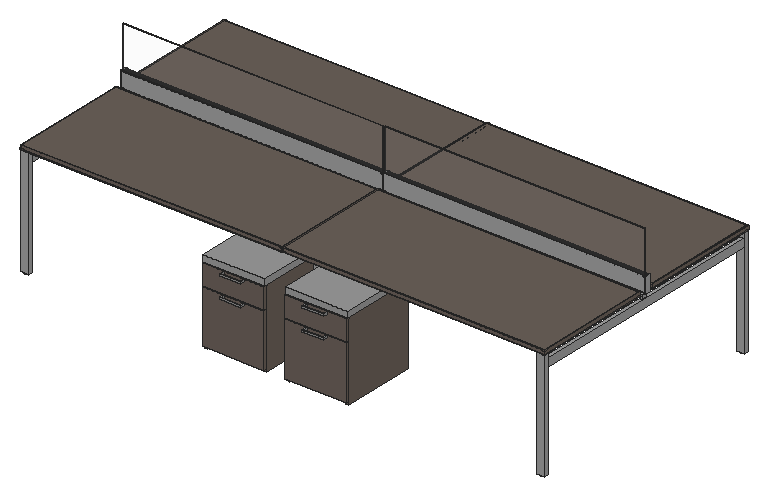
Revit family "T200188", category Furniture, Revit 2015 (continued)
Definition of nested family "STAKS BENCHING TOOLRAIL KITS"
  Types (84): name | TOOLRAIL KIT WIDTH | Model | Description | 2 PIECE | 3 PIECE | 4 PIECE
    STAKS BENCHING TOOLRAIL KIT 2_PIECE_6-A120TRKD2 | 120.00" | "6-A120TRKD2" | "OFS STAKS BENCHING TOOLRAIL KIT 2 PIECE 120" | yes | no | no
    STAKS BENCHING TOOLRAIL KIT 2_PIECE_6-A144TRKD2 | 144.00" | "6-A144TRKD2" | "OFS STAKS BENCHING TOOLRAIL KIT 2 PIECE 144" | yes | no | no
    STAKS BENCHING TOOLRAIL KIT 3_PIECE_6-A144TRKD3 | 144.00" | "6-A144TRKD3" | "OFS STAKS BENCHING TOOLRAIL KIT 3 PIECE 144" | no | yes | no
    STAKS BENCHING TOOLRAIL KIT 3_PIECE_6-A180TRKD3 | 180.00" | "6-A180TRKD3" | "OFS STAKS BENCHING TOOLRAIL KIT 3 PIECE 180" | no | yes | no
    STAKS BENCHING TOOLRAIL KIT 3_PIECE_6-A216TRKD3 | 216.00" | "6-A216TRKD3" | "OFS STAKS BENCHING TOOLRAIL KIT 3 PIECE 216" | no | yes | no
    STAKS BENCHING TOOLRAIL KIT 4_PIECE_6-A192TRKD4 | 192.00" | "6-A192TRKD4" | "OFS STAKS BENCHING TOOLRAIL KIT 4 PIECE 192" | no | no | yes
    STAKS BENCHING TOOLRAIL KIT 4_PIECE_6-A240TRKD4 | 240.00" | "6-A240TRKD4" | "OFS STAKS BENCHING TOOLRAIL KIT 4 PIECE 240" | no | no | yes
    STAKS BENCHING TOOLRAIL KIT 4_PIECE_6-A288TRKD4 | 288.00" | "6-A288TRKD4" | "OFS STAKS BENCHING TOOLRAIL KIT 4 PIECE 288" | no | no | yes
    STAKS BENCHING TOOLRAIL KIT 2_PIECE_6-A108TRKA2 | 108.00" | "6-A108TRKA2" | "OFS STAKS BENCHING TOOLRAIL KIT 2 PIECE 108 FOR 1/4\"" | yes | no | no
    STAKS BENCHING TOOLRAIL KIT 2_PIECE_6-A132TRKA2 | 132.00" | "6-A132TRKA2" | "OFS STAKS BENCHING TOOLRAIL KIT 2 PIECE 132 FOR 1/4\"" | yes | no | no
    STAKS BENCHING TOOLRAIL KIT 2_PIECE_6-A156TRKA2 | 156.00" | "6-A156TRKA2" | "OFS STAKS BENCHING TOOLRAIL KIT 2 PIECE 156 FOR 1/4\"" | yes | no | no
    STAKS BENCHING TOOLRAIL KIT 2_PIECE_6-A168TRKA2 | 168.00" | "6-A168TRKA2" | "OFS STAKS BENCHING TOOLRAIL KIT 2 PIECE 168 FOR 1/4\"" | yes | no | no
    STAKS BENCHING TOOLRAIL KIT 3_PIECE_6-A162TRKA3 | 162.00" | "6-A162TRKA3" | "OFS STAKS BENCHING TOOLRAIL KIT 3 PIECE 162 FOR 1/4\"" | no | yes | no
    STAKS BENCHING TOOLRAIL KIT 3_PIECE_6-A198TRKA3 | 198.00" | "6-A198TRKA3" | "OFS STAKS BENCHING TOOLRAIL KIT 3 PIECE 198 FOR 1/4\"" | no | yes | no
    STAKS BENCHING TOOLRAIL KIT 3_PIECE_6-A234TRKA3 | 234.00" | "6-A234TRKA3" | "OFS STAKS BENCHING TOOLRAIL KIT 3 PIECE 234 FOR 1/4\"" | no | yes | no
    STAKS BENCHING TOOLRAIL KIT 3_PIECE_6-A252TRKA3 | 252.00" | "6-A252TRKA3" | "OFS STAKS BENCHING TOOLRAIL KIT 3 PIECE 252 FOR 1/4\"" | no | yes | no
    STAKS BENCHING TOOLRAIL KIT 4_PIECE_6-A216TRKA4 | 216.00" | "6-A216TRKA4" | "OFS STAKS BENCHING TOOLRAIL KIT 4 PIECE 216 FOR 1/4\"" | no | no | yes
    STAKS BENCHING TOOLRAIL KIT 4_PIECE_6-A264TRKA4 | 264.00" | "6-A264TRKA4" | "OFS STAKS BENCHING TOOLRAIL KIT 4 PIECE 264 FOR 1/4\"" | no | no | yes
    STAKS BENCHING TOOLRAIL KIT 4_PIECE_6-A312TRKA4 | 312.00" | "6-A312TRKA4" | "OFS STAKS BENCHING TOOLRAIL KIT 4 PIECE 312 FOR 1/4\"" | no | no | yes
    STAKS BENCHING TOOLRAIL KIT 4_PIECE_6-A336TRKA4 | 336.00" | "6-A336TRKA4" | "OFS STAKS BENCHING TOOLRAIL KIT 4 PIECE 336 FOR 1/4\"" | no | no | yes
    STAKS BENCHING TOOLRAIL KIT 2_PIECE_6-A108TRKB2 | 108.00" | "6-A108TRKB2" | "OFS STAKS BENCHING TOOLRAIL KIT 2 PIECE 108 FOR 1\"" | yes | no | no
    STAKS BENCHING TOOLRAIL KIT 2_PIECE_6-A132TRKB2 | 132.00" | "6-A132TRKB2" | "OFS STAKS BENCHING TOOLRAIL KIT 2 PIECE 132 FOR 1\"" | yes | no | no
    STAKS BENCHING TOOLRAIL KIT 2_PIECE_6-A156TRKB2 | 156.00" | "6-A156TRKB2" | "OFS STAKS BENCHING TOOLRAIL KIT 2 PIECE 156 FOR 1\"" | yes | no | no
    STAKS BENCHING TOOLRAIL KIT 2_PIECE_6-A168TRKB2 | 168.00" | "6-A168TRKB2" | "OFS STAKS BENCHING TOOLRAIL KIT 2 PIECE 168 FOR 1\"" | yes | no | no
    STAKS BENCHING TOOLRAIL KIT 3_PIECE_6-A162TRKB3 | 162.00" | "6-A162TRKB3" | "OFS STAKS BENCHING TOOLRAIL KIT 3 PIECE 162 FOR 1\"" | no | yes | no
    STAKS BENCHING TOOLRAIL KIT 3_PIECE_6-A198TRKB3 | 198.00" | "6-A198TRKB3" | "OFS STAKS BENCHING TOOLRAIL KIT 3 PIECE 198 FOR 1\"" | no | yes | no
    STAKS BENCHING TOOLRAIL KIT 3_PIECE_6-A234TRKB3 | 234.00" | "6-A234TRKB3" | "OFS STAKS BENCHING TOOLRAIL KIT 3 PIECE 234 FOR 1\"" | no | yes | no
    STAKS BENCHING TOOLRAIL KIT 3_PIECE_6-A252TRKB3 | 252.00" | "6-A252TRKB3" | "OFS STAKS BENCHING TOOLRAIL KIT 3 PIECE 252 FOR 1\"" | no | yes | no
    STAKS BENCHING TOOLRAIL KIT 4_PIECE_6-A216TRKB4 | 216.00" | "6-A216TRKB4" | "OFS STAKS BENCHING TOOLRAIL KIT 4 PIECE 216 FOR 1\"" | no | no | yes
    STAKS BENCHING TOOLRAIL KIT 4_PIECE_6-A264TRKB4 | 264.00" | "6-A264TRKB4" | "OFS STAKS BENCHING TOOLRAIL KIT 4 PIECE 264 FOR 1\"" | no | no | yes
    STAKS BENCHING TOOLRAIL KIT 4_PIECE_6-A312TRKB4 | 312.00" | "6-A312TRKB4" | "OFS STAKS BENCHING TOOLRAIL KIT 4 PIECE 312 FOR 1\"" | no | no | yes
    STAKS BENCHING TOOLRAIL KIT 4_PIECE_6-A336TRKB4 | 336.00" | "6-A336TRKB4" | "OFS STAKS BENCHING TOOLRAIL KIT 4 PIECE 336 FOR 1\"" | no | no | yes
    STAKS BENCHING TOOLRAIL KIT 2_PIECE_6-A108TRKC2 | 108.00" | "6-A108TRKC2" | "OFS STAKS BENCHING TOOLRAIL KIT 2 PIECE 108 COMBINATION" | yes | no | no
    STAKS BENCHING TOOLRAIL KIT 2_PIECE_6-A132TRKC2 | 132.00" | "6-A132TRKC2" | "OFS STAKS BENCHING TOOLRAIL KIT 2 PIECE 132 COMBINATION" | yes | no | no
    STAKS BENCHING TOOLRAIL KIT 2_PIECE_6-A156TRKC2 | 156.00" | "6-A156TRKC2" | "OFS STAKS BENCHING TOOLRAIL KIT 2 PIECE 132 COMBINATION" | yes | no | no
    STAKS BENCHING TOOLRAIL KIT 2_PIECE_6-A168TRKC2 | 168.00" | "6-A168TRKC2" | "OFS STAKS BENCHING TOOLRAIL KIT 2 PIECE 168 COMBINATION" | yes | no | no
    STAKS BENCHING TOOLRAIL KIT 3_PIECE_6-A162TRKC3 | 162.00" | "6-A162TRKC3" | "OFS STAKS BENCHING TOOLRAIL KIT 3 PIECE 162 COMBINATION" | no | yes | no
    STAKS BENCHING TOOLRAIL KIT 3_PIECE_6-A198TRKC3 | 198.00" | "6-A198TRKC3" | "OFS STAKS BENCHING TOOLRAIL KIT 3 PIECE 198 COMBINATION" | no | yes | no
    STAKS BENCHING TOOLRAIL KIT 3_PIECE_6-A234TRKC3 | 234.00" | "6-A234TRKC3" | "OFS STAKS BENCHING TOOLRAIL KIT 3 PIECE 234 COMBINATION" | no | yes | no
    STAKS BENCHING TOOLRAIL KIT 3_PIECE_6-A252TRKC3 | 252.00" | "6-A252TRKC3" | "OFS STAKS BENCHING TOOLRAIL KIT 3 PIECE 252 COMBINATION" | no | yes | no
    STAKS BENCHING TOOLRAIL KIT 4_PIECE_6-A216TRKC4 | 216.00" | "6-A216TRKC4" | "OFS STAKS BENCHING TOOLRAIL KIT 4 PIECE 216 COMBINATION" | no | no | yes
    STAKS BENCHING TOOLRAIL KIT 4_PIECE_6-A264TRKC4 | 264.00" | "6-A264TRKC4" | "OFS STAKS BENCHING TOOLRAIL KIT 4 PIECE 264 COMBINATION" | no | no | yes
    STAKS BENCHING TOOLRAIL KIT 4_PIECE_6-A312TRKC4 | 312.00" | "6-A312TRKC4" | "OFS STAKS BENCHING TOOLRAIL KIT 4 PIECE 312 COMBINATION" | no | no | yes
    STAKS BENCHING TOOLRAIL KIT 4_PIECE_6-A336TRKC4 | 336.00" | "6-A336TRKC4" | "OFS STAKS BENCHING TOOLRAIL KIT 4 PIECE 336 COMBINATION" | no | no | yes
    STAKS BENCHING TOOLRAIL KIT 2_PIECE_6-A108TRKD2 | 108.00" | "6-A108TRKD2" | "OFS STAKS BENCHING TOOLRAIL KIT 2 PIECE 108" | yes | no | no
    STAKS BENCHING TOOLRAIL KIT 2_PIECE_6-A132TRKD2 | 132.00" | "6-A132TRKD2" | "OFS STAKS BENCHING TOOLRAIL KIT 2 PIECE 132" | yes | no | no
    STAKS BENCHING TOOLRAIL KIT 2_PIECE_6-A156TRKD2 | 156.00" | "6-A156TRKD2" | "OFS STAKS BENCHING TOOLRAIL KIT 2 PIECE 156" | yes | no | no
    STAKS BENCHING TOOLRAIL KIT 2_PIECE_6-A168TRKD2 | 168.00" | "6-A168TRKD2" | "OFS STAKS BENCHING TOOLRAIL KIT 2 PIECE 168" | yes | no | no
    STAKS BENCHING TOOLRAIL KIT 3_PIECE_6-A162TRKD3 | 162.00" | "6-A162TRKD3" | "OFS STAKS BENCHING TOOLRAIL KIT 3 PIECE 162" | no | yes | no
    STAKS BENCHING TOOLRAIL KIT 3_PIECE_6-A198TRKD3 | 198.00" | "6-A198TRKD3" | "OFS STAKS BENCHING TOOLRAIL KIT 3 PIECE 198" | no | yes | no
    STAKS BENCHING TOOLRAIL KIT 3_PIECE_6-A234TRKD3 | 234.00" | "6-A234TRKD3" | "OFS STAKS BENCHING TOOLRAIL KIT 3 PIECE 234" | no | yes | no
    STAKS BENCHING TOOLRAIL KIT 3_PIECE_6-A252TRKD3 | 252.00" | "6-A252TRKD3" | "OFS STAKS BENCHING TOOLRAIL KIT 3 PIECE 252" | no | yes | no
    STAKS BENCHING TOOLRAIL KIT 4_PIECE_6-A216TRKD4 | 216.00" | "6-A216TRKD4" | "OFS STAKS BENCHING TOOLRAIL KIT 4 PIECE 216" | no | no | yes
    STAKS BENCHING TOOLRAIL KIT 4_PIECE_6-A264TRKD4 | 264.00" | "6-A264TRKD4" | "OFS STAKS BENCHING TOOLRAIL KIT 4 PIECE 264" | no | no | yes
    STAKS BENCHING TOOLRAIL KIT 4_PIECE_6-A312TRKD4 | 312.00" | "6-A312TRKD4" | "OFS STAKS BENCHING TOOLRAIL KIT 4 PIECE 312" | no | no | yes
    STAKS BENCHING TOOLRAIL KIT 4_PIECE_6-A336TRKD4 | 336.00" | "6-A336TRKD4" | "OFS STAKS BENCHING TOOLRAIL KIT 4 PIECE 336" | no | no | yes
  Reference planes (in)
    plane 1: z = 0
    plane 2 "Center (Front/Back)": y = -2.62465
    plane 3 "SURFACE HEIGHT": z = 27.875
    plane 4 "CENTER": x = -16.5
    plane 5: x = -34.5
    plane 6: x = -43.5
    plane 7 "LEFT": x = -70.5
    plane 8: x = 1.5
    plane 9: x = 10.5
    plane 10 "RIGHT": x = 37.5
    plane 11: x = -70.658
    plane 12: x = 37.658
    plane 13: x = -52.5
    plane 14: x = 19.5
    plane 15: x = -57
    plane 16: x = 24
    plane 17: x = -3
    plane 18: x = -30
  Forms (in)
    Extrusion 1, solid, material <- "Staks Benching Toolrail", visible <- "2 PIECE"
      sketch origin (-16.5, 0, 0) x (0, 1, 0) y (0, 0, 1)
        loop
          line (-3.11678, 28.20965) -> (-2.13253, 28.20965) -> (-2.13253, 27.97342) -> (-2.4278, 27.97342) -> (-2.4278, 27.875) -> (-2.0741, 27.875)
          arc (-2.0741, 27.875) -> (-2.04582, 27.88672) -> (-2.0341, 27.915) r 0.04
          line (-2.0341, 27.915) -> (-2.0341, 31.77201)
          arc (-2.0341, 31.77201) -> (-2.04582, 31.80029) -> (-2.0741, 31.81201) r 0.04
          line (-2.0741, 31.81201) -> (-2.12606, 31.81201)
          arc (-2.12606, 31.81201) -> (-2.15359, 31.80102) -> (-2.166, 31.7741) r 0.04
          line (-2.166, 31.7741) -> (-2.17234, 31.65306)
          arc (-2.17234, 31.65306) -> (-2.18475, 31.62614) -> (-2.21229, 31.61516) r 0.04
          line (-2.21229, 31.61516) -> (-2.44749, 31.61516)
          arc (-2.44749, 31.61516) -> (-2.47617, 31.57503) -> (-2.49965, 31.53165) r 0.39613
          line (-2.49965, 31.53165) -> (-2.49965, 29.03516) -> (-2.74965, 29.03516) -> (-2.74965, 31.53165)
          arc (-2.74965, 31.53165) -> (-2.77313, 31.57503) -> (-2.80182, 31.61516) r 0.39613
          line (-2.80182, 31.61516) -> (-3.03701, 31.61516)
          arc (-3.03701, 31.61516) -> (-3.06455, 31.62614) -> (-3.07696, 31.65306) r 0.04
          line (-3.07696, 31.65306) -> (-3.0833, 31.7741)
          arc (-3.0833, 31.7741) -> (-3.09571, 31.80102) -> (-3.12325, 31.81201) r 0.04
          line (-3.12325, 31.81201) -> (-3.1752, 31.81201)
          arc (-3.1752, 31.81201) -> (-3.20349, 31.80029) -> (-3.2152, 31.77201) r 0.04
          line (-3.2152, 31.77201) -> (-3.2152, 27.915)
          arc (-3.2152, 27.915) -> (-3.20349, 27.88672) -> (-3.1752, 27.875) r 0.04
          line (-3.1752, 27.875) -> (-2.8215, 27.875) -> (-2.8215, 27.97342) -> (-3.11678, 27.97342) -> (-3.11678, 28.20965)
      from 0 to 54
    Extrusion 2, solid, material <- "Staks Benching Toolrail", visible <- "2 PIECE"
      sketch origin (-71.5, 0, 0) x (0, 1, 0) y (0, 0, 1)
        loop
          line (-3.11678, 28.20965) -> (-2.13253, 28.20965) -> (-2.13253, 27.97342) -> (-2.4278, 27.97342) -> (-2.4278, 27.875) -> (-2.0741, 27.875)
          arc (-2.0741, 27.875) -> (-2.04582, 27.88672) -> (-2.0341, 27.915) r 0.04
          line (-2.0341, 27.915) -> (-2.0341, 31.77201)
          arc (-2.0341, 31.77201) -> (-2.04582, 31.80029) -> (-2.0741, 31.81201) r 0.04
          line (-2.0741, 31.81201) -> (-2.12606, 31.81201)
          arc (-2.12606, 31.81201) -> (-2.15359, 31.80102) -> (-2.166, 31.7741) r 0.04
          line (-2.166, 31.7741) -> (-2.17234, 31.65306)
          arc (-2.17234, 31.65306) -> (-2.18475, 31.62614) -> (-2.21229, 31.61516) r 0.04
          line (-2.21229, 31.61516) -> (-2.44749, 31.61516)
          arc (-2.44749, 31.61516) -> (-2.47617, 31.57503) -> (-2.49965, 31.53165) r 0.39613
          line (-2.49965, 31.53165) -> (-2.49965, 29.03516) -> (-2.74965, 29.03516) -> (-2.74965, 31.53165)
          arc (-2.74965, 31.53165) -> (-2.77313, 31.57503) -> (-2.80182, 31.61516) r 0.39613
          line (-2.80182, 31.61516) -> (-3.03701, 31.61516)
          arc (-3.03701, 31.61516) -> (-3.06455, 31.62614) -> (-3.07696, 31.65306) r 0.04
          line (-3.07696, 31.65306) -> (-3.0833, 31.7741)
          arc (-3.0833, 31.7741) -> (-3.09571, 31.80102) -> (-3.12325, 31.81201) r 0.04
          line (-3.12325, 31.81201) -> (-3.1752, 31.81201)
          arc (-3.1752, 31.81201) -> (-3.20349, 31.80029) -> (-3.2152, 31.77201) r 0.04
          line (-3.2152, 31.77201) -> (-3.2152, 27.915)
          arc (-3.2152, 27.915) -> (-3.20349, 27.88672) -> (-3.1752, 27.875) r 0.04
          line (-3.1752, 27.875) -> (-2.8215, 27.875) -> (-2.8215, 27.97342) -> (-3.11678, 27.97342) -> (-3.11678, 28.20965)
      from 1 to 55
    Extrusion 3, solid, material <- "Staks Benching Toolrail", visible <- "3 PIECE"
      sketch origin (-71.5, 0, 0) x (0, 1, 0) y (0, 0, 1)
        loop
          line (-3.11678, 28.20965) -> (-2.13253, 28.20965) -> (-2.13253, 27.97342) -> (-2.4278, 27.97342) -> (-2.4278, 27.875) -> (-2.0741, 27.875)
          arc (-2.0741, 27.875) -> (-2.04582, 27.88672) -> (-2.0341, 27.915) r 0.04
          line (-2.0341, 27.915) -> (-2.0341, 31.77201)
          arc (-2.0341, 31.77201) -> (-2.04582, 31.80029) -> (-2.0741, 31.81201) r 0.04
          line (-2.0741, 31.81201) -> (-2.12606, 31.81201)
          arc (-2.12606, 31.81201) -> (-2.15359, 31.80102) -> (-2.166, 31.7741) r 0.04
          line (-2.166, 31.7741) -> (-2.17234, 31.65306)
          arc (-2.17234, 31.65306) -> (-2.18475, 31.62614) -> (-2.21229, 31.61516) r 0.04
          line (-2.21229, 31.61516) -> (-2.44749, 31.61516)
          arc (-2.44749, 31.61516) -> (-2.47617, 31.57503) -> (-2.49965, 31.53165) r 0.39613
          line (-2.49965, 31.53165) -> (-2.49965, 29.03516) -> (-2.74965, 29.03516) -> (-2.74965, 31.53165)
          arc (-2.74965, 31.53165) -> (-2.77313, 31.57503) -> (-2.80182, 31.61516) r 0.39613
          line (-2.80182, 31.61516) -> (-3.03701, 31.61516)
          arc (-3.03701, 31.61516) -> (-3.06455, 31.62614) -> (-3.07696, 31.65306) r 0.04
          line (-3.07696, 31.65306) -> (-3.0833, 31.7741)
          arc (-3.0833, 31.7741) -> (-3.09571, 31.80102) -> (-3.12325, 31.81201) r 0.04
          line (-3.12325, 31.81201) -> (-3.1752, 31.81201)
          arc (-3.1752, 31.81201) -> (-3.20349, 31.80029) -> (-3.2152, 31.77201) r 0.04
          line (-3.2152, 31.77201) -> (-3.2152, 27.915)
          arc (-3.2152, 27.915) -> (-3.20349, 27.88672) -> (-3.1752, 27.875) r 0.04
          line (-3.1752, 27.875) -> (-2.8215, 27.875) -> (-2.8215, 27.97342) -> (-3.11678, 27.97342) -> (-3.11678, 28.20965)
      from 1 to 37
    Extrusion 4, solid, material <- "Staks Benching Toolrail", visible <- "4 PIECE"
      sketch origin (-71.5, 0, 0) x (0, 1, 0) y (0, 0, 1)
        loop
          line (-3.11678, 28.20965) -> (-2.13253, 28.20965) -> (-2.13253, 27.97342) -> (-2.4278, 27.97342) -> (-2.4278, 27.875) -> (-2.0741, 27.875)
          arc (-2.0741, 27.875) -> (-2.04582, 27.88672) -> (-2.0341, 27.915) r 0.04
          line (-2.0341, 27.915) -> (-2.0341, 31.77201)
          arc (-2.0341, 31.77201) -> (-2.04582, 31.80029) -> (-2.0741, 31.81201) r 0.04
          line (-2.0741, 31.81201) -> (-2.12606, 31.81201)
          arc (-2.12606, 31.81201) -> (-2.15359, 31.80102) -> (-2.166, 31.7741) r 0.04
          line (-2.166, 31.7741) -> (-2.17234, 31.65306)
          arc (-2.17234, 31.65306) -> (-2.18475, 31.62614) -> (-2.21229, 31.61516) r 0.04
          line (-2.21229, 31.61516) -> (-2.44749, 31.61516)
          arc (-2.44749, 31.61516) -> (-2.47617, 31.57503) -> (-2.49965, 31.53165) r 0.39613
          line (-2.49965, 31.53165) -> (-2.49965, 29.03516) -> (-2.74965, 29.03516) -> (-2.74965, 31.53165)
          arc (-2.74965, 31.53165) -> (-2.77313, 31.57503) -> (-2.80182, 31.61516) r 0.39613
          line (-2.80182, 31.61516) -> (-3.03701, 31.61516)
          arc (-3.03701, 31.61516) -> (-3.06455, 31.62614) -> (-3.07696, 31.65306) r 0.04
          line (-3.07696, 31.65306) -> (-3.0833, 31.7741)
          arc (-3.0833, 31.7741) -> (-3.09571, 31.80102) -> (-3.12325, 31.81201) r 0.04
          line (-3.12325, 31.81201) -> (-3.1752, 31.81201)
          arc (-3.1752, 31.81201) -> (-3.20349, 31.80029) -> (-3.2152, 31.77201) r 0.04
          line (-3.2152, 31.77201) -> (-3.2152, 27.915)
          arc (-3.2152, 27.915) -> (-3.20349, 27.88672) -> (-3.1752, 27.875) r 0.04
          line (-3.1752, 27.875) -> (-2.8215, 27.875) -> (-2.8215, 27.97342) -> (-3.11678, 27.97342) -> (-3.11678, 28.20965)
      from 1 to 28
    Extrusion 5, solid, material <- "Staks Benching Toolrail", visible <- "3 PIECE"
      sketch origin (-36.5, 0, 0) x (0, 1, 0) y (0, 0, 1)
        loop
          line (-3.11678, 28.20965) -> (-2.13253, 28.20965) -> (-2.13253, 27.97342) -> (-2.4278, 27.97342) -> (-2.4278, 27.875) -> (-2.0741, 27.875)
          arc (-2.0741, 27.875) -> (-2.04582, 27.88672) -> (-2.0341, 27.915) r 0.04
          line (-2.0341, 27.915) -> (-2.0341, 31.77201)
          arc (-2.0341, 31.77201) -> (-2.04582, 31.80029) -> (-2.0741, 31.81201) r 0.04
          line (-2.0741, 31.81201) -> (-2.12606, 31.81201)
          arc (-2.12606, 31.81201) -> (-2.15359, 31.80102) -> (-2.166, 31.7741) r 0.04
          line (-2.166, 31.7741) -> (-2.17234, 31.65306)
          arc (-2.17234, 31.65306) -> (-2.18475, 31.62614) -> (-2.21229, 31.61516) r 0.04
          line (-2.21229, 31.61516) -> (-2.44749, 31.61516)
          arc (-2.44749, 31.61516) -> (-2.47617, 31.57503) -> (-2.49965, 31.53165) r 0.39613
          line (-2.49965, 31.53165) -> (-2.49965, 29.03516) -> (-2.74965, 29.03516) -> (-2.74965, 31.53165)
          arc (-2.74965, 31.53165) -> (-2.77313, 31.57503) -> (-2.80182, 31.61516) r 0.39613
          line (-2.80182, 31.61516) -> (-3.03701, 31.61516)
          arc (-3.03701, 31.61516) -> (-3.06455, 31.62614) -> (-3.07696, 31.65306) r 0.04
          line (-3.07696, 31.65306) -> (-3.0833, 31.7741)
          arc (-3.0833, 31.7741) -> (-3.09571, 31.80102) -> (-3.12325, 31.81201) r 0.04
          line (-3.12325, 31.81201) -> (-3.1752, 31.81201)
          arc (-3.1752, 31.81201) -> (-3.20349, 31.80029) -> (-3.2152, 31.77201) r 0.04
          line (-3.2152, 31.77201) -> (-3.2152, 27.915)
          arc (-3.2152, 27.915) -> (-3.20349, 27.88672) -> (-3.1752, 27.875) r 0.04
          line (-3.1752, 27.875) -> (-2.8215, 27.875) -> (-2.8215, 27.97342) -> (-3.11678, 27.97342) -> (-3.11678, 28.20965)
      from 2 to 38
    Extrusion 6, solid, material <- "Staks Benching Toolrail", visible <- "3 PIECE"
      sketch origin (-3.75417, 0, 0) x (0, 1, 0) y (0, 0, 1)
        loop
          line (-3.11678, 28.20965) -> (-2.13253, 28.20965) -> (-2.13253, 27.97342) -> (-2.4278, 27.97342) -> (-2.4278, 27.875) -> (-2.0741, 27.875)
          arc (-2.0741, 27.875) -> (-2.04582, 27.88672) -> (-2.0341, 27.915) r 0.04
          line (-2.0341, 27.915) -> (-2.0341, 31.77201)
          arc (-2.0341, 31.77201) -> (-2.04582, 31.80029) -> (-2.0741, 31.81201) r 0.04
          line (-2.0741, 31.81201) -> (-2.12606, 31.81201)
          arc (-2.12606, 31.81201) -> (-2.15359, 31.80102) -> (-2.166, 31.7741) r 0.04
          line (-2.166, 31.7741) -> (-2.17234, 31.65306)
          arc (-2.17234, 31.65306) -> (-2.18475, 31.62614) -> (-2.21229, 31.61516) r 0.04
          line (-2.21229, 31.61516) -> (-2.44749, 31.61516)
          arc (-2.44749, 31.61516) -> (-2.47617, 31.57503) -> (-2.49965, 31.53165) r 0.39613
          line (-2.49965, 31.53165) -> (-2.49965, 29.03516) -> (-2.74965, 29.03516) -> (-2.74965, 31.53165)
          arc (-2.74965, 31.53165) -> (-2.77313, 31.57503) -> (-2.80182, 31.61516) r 0.39613
          line (-2.80182, 31.61516) -> (-3.03701, 31.61516)
          arc (-3.03701, 31.61516) -> (-3.06455, 31.62614) -> (-3.07696, 31.65306) r 0.04
          line (-3.07696, 31.65306) -> (-3.0833, 31.7741)
          arc (-3.0833, 31.7741) -> (-3.09571, 31.80102) -> (-3.12325, 31.81201) r 0.04
          line (-3.12325, 31.81201) -> (-3.1752, 31.81201)
          arc (-3.1752, 31.81201) -> (-3.20349, 31.80029) -> (-3.2152, 31.77201) r 0.04
          line (-3.2152, 31.77201) -> (-3.2152, 27.915)
          arc (-3.2152, 27.915) -> (-3.20349, 27.88672) -> (-3.1752, 27.875) r 0.04
          line (-3.1752, 27.875) -> (-2.8215, 27.875) -> (-2.8215, 27.97342) -> (-3.11678, 27.97342) -> (-3.11678, 28.20965)
      from 5.25417 to 41.25417
    Extrusion 7, solid, material <- "Staks Benching Toolrail", visible <- "4 PIECE"
      sketch origin (-46.75, 0, 0) x (0, 1, 0) y (0, 0, 1)
        loop
          line (-3.11678, 28.20965) -> (-2.13253, 28.20965) -> (-2.13253, 27.97342) -> (-2.4278, 27.97342) -> (-2.4278, 27.875) -> (-2.0741, 27.875)
          arc (-2.0741, 27.875) -> (-2.04582, 27.88672) -> (-2.0341, 27.915) r 0.04
          line (-2.0341, 27.915) -> (-2.0341, 31.77201)
          arc (-2.0341, 31.77201) -> (-2.04582, 31.80029) -> (-2.0741, 31.81201) r 0.04
          line (-2.0741, 31.81201) -> (-2.12606, 31.81201)
          arc (-2.12606, 31.81201) -> (-2.15359, 31.80102) -> (-2.166, 31.7741) r 0.04
          line (-2.166, 31.7741) -> (-2.17234, 31.65306)
          arc (-2.17234, 31.65306) -> (-2.18475, 31.62614) -> (-2.21229, 31.61516) r 0.04
          line (-2.21229, 31.61516) -> (-2.44749, 31.61516)
          arc (-2.44749, 31.61516) -> (-2.47617, 31.57503) -> (-2.49965, 31.53165) r 0.39613
          line (-2.49965, 31.53165) -> (-2.49965, 29.03516) -> (-2.74965, 29.03516) -> (-2.74965, 31.53165)
          arc (-2.74965, 31.53165) -> (-2.77313, 31.57503) -> (-2.80182, 31.61516) r 0.39613
          line (-2.80182, 31.61516) -> (-3.03701, 31.61516)
          arc (-3.03701, 31.61516) -> (-3.06455, 31.62614) -> (-3.07696, 31.65306) r 0.04
          line (-3.07696, 31.65306) -> (-3.0833, 31.7741)
          arc (-3.0833, 31.7741) -> (-3.09571, 31.80102) -> (-3.12325, 31.81201) r 0.04
          line (-3.12325, 31.81201) -> (-3.1752, 31.81201)
          arc (-3.1752, 31.81201) -> (-3.20349, 31.80029) -> (-3.2152, 31.77201) r 0.04
          line (-3.2152, 31.77201) -> (-3.2152, 27.915)
          arc (-3.2152, 27.915) -> (-3.20349, 27.88672) -> (-3.1752, 27.875) r 0.04
          line (-3.1752, 27.875) -> (-2.8215, 27.875) -> (-2.8215, 27.97342) -> (-3.11678, 27.97342) -> (-3.11678, 28.20965)
      from 3.25 to 30.25
    Extrusion 8, solid, material <- "Staks Benching Toolrail", visible <- "4 PIECE"
      sketch origin (-22.5, 0, 0) x (0, 1, 0) y (0, 0, 1)
        loop
          line (-3.11678, 28.20965) -> (-2.13253, 28.20965) -> (-2.13253, 27.97342) -> (-2.4278, 27.97342) -> (-2.4278, 27.875) -> (-2.0741, 27.875)
          arc (-2.0741, 27.875) -> (-2.04582, 27.88672) -> (-2.0341, 27.915) r 0.04
          line (-2.0341, 27.915) -> (-2.0341, 31.77201)
          arc (-2.0341, 31.77201) -> (-2.04582, 31.80029) -> (-2.0741, 31.81201) r 0.04
          line (-2.0741, 31.81201) -> (-2.12606, 31.81201)
          arc (-2.12606, 31.81201) -> (-2.15359, 31.80102) -> (-2.166, 31.7741) r 0.04
          line (-2.166, 31.7741) -> (-2.17234, 31.65306)
          arc (-2.17234, 31.65306) -> (-2.18475, 31.62614) -> (-2.21229, 31.61516) r 0.04
          line (-2.21229, 31.61516) -> (-2.44749, 31.61516)
          arc (-2.44749, 31.61516) -> (-2.47617, 31.57503) -> (-2.49965, 31.53165) r 0.39613
          line (-2.49965, 31.53165) -> (-2.49965, 29.03516) -> (-2.74965, 29.03516) -> (-2.74965, 31.53165)
          arc (-2.74965, 31.53165) -> (-2.77313, 31.57503) -> (-2.80182, 31.61516) r 0.39613
          line (-2.80182, 31.61516) -> (-3.03701, 31.61516)
          arc (-3.03701, 31.61516) -> (-3.06455, 31.62614) -> (-3.07696, 31.65306) r 0.04
          line (-3.07696, 31.65306) -> (-3.0833, 31.7741)
          arc (-3.0833, 31.7741) -> (-3.09571, 31.80102) -> (-3.12325, 31.81201) r 0.04
          line (-3.12325, 31.81201) -> (-3.1752, 31.81201)
          arc (-3.1752, 31.81201) -> (-3.20349, 31.80029) -> (-3.2152, 31.77201) r 0.04
          line (-3.2152, 31.77201) -> (-3.2152, 27.915)
          arc (-3.2152, 27.915) -> (-3.20349, 27.88672) -> (-3.1752, 27.875) r 0.04
          line (-3.1752, 27.875) -> (-2.8215, 27.875) -> (-2.8215, 27.97342) -> (-3.11678, 27.97342) -> (-3.11678, 28.20965)
      from 6 to 33
    Extrusion 9, solid, material <- "Staks Benching Toolrail", visible <- "4 PIECE"
      sketch origin (2.25, 0, 0) x (0, 1, 0) y (0, 0, 1)
        loop
          line (-3.11678, 28.20965) -> (-2.13253, 28.20965) -> (-2.13253, 27.97342) -> (-2.4278, 27.97342) -> (-2.4278, 27.875) -> (-2.0741, 27.875)
          arc (-2.0741, 27.875) -> (-2.04582, 27.88672) -> (-2.0341, 27.915) r 0.04
          line (-2.0341, 27.915) -> (-2.0341, 31.77201)
          arc (-2.0341, 31.77201) -> (-2.04582, 31.80029) -> (-2.0741, 31.81201) r 0.04
          line (-2.0741, 31.81201) -> (-2.12606, 31.81201)
          arc (-2.12606, 31.81201) -> (-2.15359, 31.80102) -> (-2.166, 31.7741) r 0.04
          line (-2.166, 31.7741) -> (-2.17234, 31.65306)
          arc (-2.17234, 31.65306) -> (-2.18475, 31.62614) -> (-2.21229, 31.61516) r 0.04
          line (-2.21229, 31.61516) -> (-2.44749, 31.61516)
          arc (-2.44749, 31.61516) -> (-2.47617, 31.57503) -> (-2.49965, 31.53165) r 0.39613
          line (-2.49965, 31.53165) -> (-2.49965, 29.03516) -> (-2.74965, 29.03516) -> (-2.74965, 31.53165)
          arc (-2.74965, 31.53165) -> (-2.77313, 31.57503) -> (-2.80182, 31.61516) r 0.39613
          line (-2.80182, 31.61516) -> (-3.03701, 31.61516)
          arc (-3.03701, 31.61516) -> (-3.06455, 31.62614) -> (-3.07696, 31.65306) r 0.04
          line (-3.07696, 31.65306) -> (-3.0833, 31.7741)
          arc (-3.0833, 31.7741) -> (-3.09571, 31.80102) -> (-3.12325, 31.81201) r 0.04
          line (-3.12325, 31.81201) -> (-3.1752, 31.81201)
          arc (-3.1752, 31.81201) -> (-3.20349, 31.80029) -> (-3.2152, 31.77201) r 0.04
          line (-3.2152, 31.77201) -> (-3.2152, 27.915)
          arc (-3.2152, 27.915) -> (-3.20349, 27.88672) -> (-3.1752, 27.875) r 0.04
          line (-3.1752, 27.875) -> (-2.8215, 27.875) -> (-2.8215, 27.97342) -> (-3.11678, 27.97342) -> (-3.11678, 28.20965)
      from 8.25 to 35.25
    Extrusion 10, solid, material <- "Staks Benching Toolrail"
      sketch origin (-70.5, 0, 0) x (0, 1, 0) y (0, 0, 1)
        loop
          line (-3.1752, 27.875) -> (-2.0741, 27.875)
          arc (-2.0741, 27.875) -> (-2.04582, 27.88672) -> (-2.0341, 27.915) r 0.04
          line (-2.0341, 27.915) -> (-2.0341, 31.77201)
          arc (-2.0341, 31.77201) -> (-2.04582, 31.80029) -> (-2.0741, 31.81201) r 0.04
          line (-2.0741, 31.81201) -> (-2.12606, 31.81201)
          arc (-2.12606, 31.81201) -> (-2.15359, 31.80102) -> (-2.166, 31.7741) r 0.04
          line (-2.166, 31.7741) -> (-2.17234, 31.65306)
          arc (-2.17234, 31.65306) -> (-2.18475, 31.62614) -> (-2.21229, 31.61516) r 0.04
          line (-2.21229, 31.61516) -> (-3.03701, 31.61516)
          arc (-3.03701, 31.61516) -> (-3.06455, 31.62614) -> (-3.07696, 31.65306) r 0.04
          line (-3.07696, 31.65306) -> (-3.0833, 31.7741)
          arc (-3.0833, 31.7741) -> (-3.09571, 31.80102) -> (-3.12325, 31.81201) r 0.04
          line (-3.12325, 31.81201) -> (-3.1752, 31.81201)
          arc (-3.1752, 31.81201) -> (-3.20349, 31.80029) -> (-3.2152, 31.77201) r 0.04
          line (-3.2152, 31.77201) -> (-3.2152, 27.915)
          arc (-3.2152, 27.915) -> (-3.20349, 27.88672) -> (-3.1752, 27.875) r 0.04
      from -0.158 to 0
    Extrusion 11, solid, material <- "Staks Benching Toolrail"
      sketch origin (31.5, 0, 0) x (0, 1, 0) y (0, 0, -1)
        loop
          arc (-3.1752, -27.875) -> (-3.20349, -27.88672) -> (-3.2152, -27.915) r 0.04
          line (-3.2152, -27.915) -> (-3.2152, -31.77201)
          arc (-3.2152, -31.77201) -> (-3.20349, -31.80029) -> (-3.1752, -31.81201) r 0.04
          line (-3.1752, -31.81201) -> (-3.12325, -31.81201)
          arc (-3.12325, -31.81201) -> (-3.09571, -31.80102) -> (-3.0833, -31.7741) r 0.04
          line (-3.0833, -31.7741) -> (-3.07696, -31.65306)
          arc (-3.07696, -31.65306) -> (-3.06455, -31.62614) -> (-3.03701, -31.61516) r 0.04
          line (-3.03701, -31.61516) -> (-2.21229, -31.61516)
          arc (-2.21229, -31.61516) -> (-2.18475, -31.62614) -> (-2.17234, -31.65306) r 0.04
          line (-2.17234, -31.65306) -> (-2.166, -31.7741)
          arc (-2.166, -31.7741) -> (-2.15359, -31.80102) -> (-2.12606, -31.81201) r 0.04
          line (-2.12606, -31.81201) -> (-2.0741, -31.81201)
          arc (-2.0741, -31.81201) -> (-2.04582, -31.80029) -> (-2.0341, -31.77201) r 0.04
          line (-2.0341, -31.77201) -> (-2.0341, -27.915)
          arc (-2.0341, -27.915) -> (-2.04582, -27.88672) -> (-2.0741, -27.875) r 0.04
          line (-2.0741, -27.875) -> (-3.1752, -27.875)
      from -6.158 to -6
  Lines and regions (in)
    Masking region 1, visible <- "2 PIECE"
      outline origin (0, 0, 0) x (1, 0, 0) y (0, 1, 0)
        loop
          line (-70.5, -2.0341) -> (-70.5, -2.12606) -> (-16.5, -2.12606) -> (-16.5, -2.0341) -> (-70.5, -2.0341)
    Masking region 2, visible <- "2 PIECE"
      outline origin (0, 0, 0) x (1, 0, 0) y (0, 1, 0)
        loop
          line (-70.5, -3.2152) -> (-16.5, -3.2152) -> (-16.5, -3.12325) -> (-70.5, -3.12325) -> (-70.5, -3.2152)
    Masking region 3, visible <- "2 PIECE"
      outline origin (52, 0, 0) x (1, 0, 0) y (0, 1, 0)
        loop
          line (-68.5, -2.0341) -> (-68.5, -2.12606) -> (-14.5, -2.12606) -> (-14.5, -2.0341) -> (-68.5, -2.0341)
    Masking region 4, visible <- "2 PIECE"
      outline origin (52, 0, 0) x (1, 0, 0) y (0, 1, 0)
        loop
          line (-68.5, -3.2152) -> (-14.5, -3.2152) -> (-14.5, -3.12325) -> (-68.5, -3.12325) -> (-68.5, -3.2152)
    Masking region 5, visible <- "2 PIECE"
      outline origin (0, 0, 0) x (1, 0, 0) y (0, 1, 0)
        loop
          line (-16.5, -2.12606) -> (-16.5, -3.12325) -> (37.5, -3.12325) -> (37.5, -2.12606) -> (-16.5, -2.12606)
    Masking region 6, visible <- "2 PIECE"
      outline origin (-55, 0, 0) x (1, 0, 0) y (0, 1, 0)
        loop
          line (-15.5, -2.12606) -> (-15.5, -3.12325) -> (38.5, -3.12325) -> (38.5, -2.12606) -> (-15.5, -2.12606)
    Masking region 7, visible <- "3 PIECE"
      outline origin (2, 0, 0) x (1, 0, 0) y (0, 1, 0)
        loop
          line (-72.5, -2.0341) -> (-72.5, -2.12606) -> (-36.5, -2.12606) -> (-36.5, -2.0341) -> (-72.5, -2.0341)
    Masking region 8, visible <- "3 PIECE"
      outline origin (2, 0, 0) x (1, 0, 0) y (0, 1, 0)
        loop
          line (-72.5, -3.2152) -> (-36.5, -3.2152) -> (-36.5, -3.12325) -> (-72.5, -3.12325) -> (-72.5, -3.2152)
    Masking region 9, visible <- "3 PIECE"
      outline origin (-53, 0, 0) x (1, 0, 0) y (0, 1, 0)
        loop
          line (-17.5, -2.12606) -> (-17.5, -3.12325) -> (18.5, -3.12325) -> (18.5, -2.12606) -> (-17.5, -2.12606)
    Masking region 10, visible <- "4 PIECE"
      outline origin (2, 0, 0) x (1, 0, 0) y (0, 1, 0)
        loop
          line (-72.5, -2.0341) -> (-72.5, -2.12606) -> (-45.5, -2.12606) -> (-45.5, -2.0341) -> (-72.5, -2.0341)
    Masking region 11, visible <- "4 PIECE"
      outline origin (2, 0, 0) x (1, 0, 0) y (0, 1, 0)
        loop
          line (-72.5, -3.2152) -> (-45.5, -3.2152) -> (-45.5, -3.12325) -> (-72.5, -3.12325) -> (-72.5, -3.2152)
    Masking region 12, visible <- "4 PIECE"
      outline origin (-53, 0, 0) x (1, 0, 0) y (0, 1, 0)
        loop
          line (-17.5, -2.12606) -> (-17.5, -3.12325) -> (9.5, -3.12325) -> (9.5, -2.12606) -> (-17.5, -2.12606)
    Masking region 13, visible <- "3 PIECE"
      outline origin (37, 0, 0) x (1, 0, 0) y (0, 1, 0)
        loop
          line (-71.5, -2.0341) -> (-71.5, -2.12606) -> (-35.5, -2.12606) -> (-35.5, -2.0341) -> (-71.5, -2.0341)
    Masking region 14, visible <- "3 PIECE"
      outline origin (37, 0, 0) x (1, 0, 0) y (0, 1, 0)
        loop
          line (-71.5, -3.2152) -> (-35.5, -3.2152) -> (-35.5, -3.12325) -> (-71.5, -3.12325) -> (-71.5, -3.2152)
    Masking region 15, visible <- "3 PIECE"
      outline origin (-18, 0, 0) x (1, 0, 0) y (0, 1, 0)
        loop
          line (-16.5, -2.12606) -> (-16.5, -3.12325) -> (19.5, -3.12325) -> (19.5, -2.12606) -> (-16.5, -2.12606)
    Masking region 16, visible <- "3 PIECE"
      outline origin (69.74583, 0, 0) x (1, 0, 0) y (0, 1, 0)
        loop
          line (-68.24583, -2.0341) -> (-68.24583, -2.12606) -> (-32.24583, -2.12606) -> (-32.24583, -2.0341) -> (-68.24583, -2.0341)
    Masking region 17, visible <- "3 PIECE"
      outline origin (69.74583, 0, 0) x (1, 0, 0) y (0, 1, 0)
        loop
          line (-68.24583, -3.2152) -> (-32.24583, -3.2152) -> (-32.24583, -3.12325) -> (-68.24583, -3.12325) -> (-68.24583, -3.2152)
    Masking region 18, visible <- "3 PIECE"
      outline origin (14.74583, 0, 0) x (1, 0, 0) y (0, 1, 0)
        loop
          line (-13.24583, -2.12606) -> (-13.24583, -3.12325) -> (22.75417, -3.12325) -> (22.75417, -2.12606) -> (-13.24583, -2.12606)
    Masking region 19, visible <- "4 PIECE"
      outline origin (26.75, 0, 0) x (1, 0, 0) y (0, 1, 0)
        loop
          line (-70.25, -2.0341) -> (-70.25, -2.12606) -> (-43.25, -2.12606) -> (-43.25, -2.0341) -> (-70.25, -2.0341)
    Masking region 20, visible <- "4 PIECE"
      outline origin (26.75, 0, 0) x (1, 0, 0) y (0, 1, 0)
        loop
          line (-70.25, -3.2152) -> (-43.25, -3.2152) -> (-43.25, -3.12325) -> (-70.25, -3.12325) -> (-70.25, -3.2152)
    Masking region 21, visible <- "4 PIECE"
      outline origin (-28.25, 0, 0) x (1, 0, 0) y (0, 1, 0)
        loop
          line (-15.25, -2.12606) -> (-15.25, -3.12325) -> (11.75, -3.12325) -> (11.75, -2.12606) -> (-15.25, -2.12606)
    Masking region 22, visible <- "4 PIECE"
      outline origin (51, 0, 0) x (1, 0, 0) y (0, 1, 0)
        loop
          line (-67.5, -2.0341) -> (-67.5, -2.12606) -> (-40.5, -2.12606) -> (-40.5, -2.0341) -> (-67.5, -2.0341)
    Masking region 23, visible <- "4 PIECE"
      outline origin (51, 0, 0) x (1, 0, 0) y (0, 1, 0)
        loop
          line (-67.5, -3.2152) -> (-40.5, -3.2152) -> (-40.5, -3.12325) -> (-67.5, -3.12325) -> (-67.5, -3.2152)
    Masking region 24, visible <- "4 PIECE"
      outline origin (-4, 0, 0) x (1, 0, 0) y (0, 1, 0)
        loop
          line (-12.5, -2.12606) -> (-12.5, -3.12325) -> (14.5, -3.12325) -> (14.5, -2.12606) -> (-12.5, -2.12606)
    Masking region 25, visible <- "4 PIECE"
      outline origin (75.75, 0, 0) x (1, 0, 0) y (0, 1, 0)
        loop
          line (-65.25, -2.0341) -> (-65.25, -2.12606) -> (-38.25, -2.12606) -> (-38.25, -2.0341) -> (-65.25, -2.0341)
    Masking region 26, visible <- "4 PIECE"
      outline origin (75.75, 0, 0) x (1, 0, 0) y (0, 1, 0)
        loop
          line (-65.25, -3.2152) -> (-38.25, -3.2152) -> (-38.25, -3.12325) -> (-65.25, -3.12325) -> (-65.25, -3.2152)
    Masking region 27, visible <- "4 PIECE"
      outline origin (20.75, 0, 0) x (1, 0, 0) y (0, 1, 0)
        loop
          line (-10.25, -2.12606) -> (-10.25, -3.12325) -> (16.75, -3.12325) -> (16.75, -2.12606) -> (-10.25, -2.12606)
    Masking region 28
      outline origin (0, 0, 0) x (1, 0, 0) y (0, 1, 0)
        loop
          line (-70.5, -2.0341) -> (-70.658, -2.0341) -> (-70.658, -3.2152) -> (-70.5, -3.2152) -> (-70.5, -2.0341)
    Masking region 29
      outline origin (-33, 0, 0) x (0, 1, 0) y (-1, 0, 0)
        loop
          line (-2.0341, -70.5) -> (-3.2152, -70.5) -> (-3.2152, -70.658) -> (-2.0341, -70.658) -> (-2.0341, -70.5)
  Dimensions and locks (in)
    "TOOLRAIL KIT WIDTH": plane 7 "LEFT" to plane 10 "RIGHT"
    locked: plane 11 to plane 7 "LEFT" at 0.158
    locked: plane 10 "RIGHT" to plane 12 at 0.158
    equal spacing: plane 7 "LEFT", plane 13, plane 5, plane 4 "CENTER"
    equal spacing: plane 4 "CENTER", plane 8, plane 14, plane 10 "RIGHT"
    equal spacing: plane 7 "LEFT", plane 15, plane 6, plane 18, plane 4 "CENTER", plane 17, plane 9, plane 16, plane 10 "RIGHT"
    aligned and locked: level to plane 1
    aligned and locked: Extrusion 1 to plane 4 "CENTER"
    aligned and locked: Extrusion 1 to plane 10 "RIGHT"
    aligned and locked: plane 4 "CENTER" to Extrusion 2
    aligned and locked: Extrusion 2 to plane 7 "LEFT"
    aligned and locked: Masking region 5 to plane 4 "CENTER"
    aligned and locked: Masking region 4 to plane 4 "CENTER"
    aligned and locked: Masking region 3 to plane 4 "CENTER"
    aligned and locked: Masking region 3 to plane 10 "RIGHT"
    aligned and locked: Masking region 5 to plane 10 "RIGHT"
    aligned and locked: Masking region 4 to plane 10 "RIGHT"
    aligned and locked: plane 4 "CENTER" to Masking region 6
    aligned and locked: Masking region 6 to plane 7 "LEFT"
    aligned and locked: Extrusion 3 to plane 7 "LEFT"
    aligned and locked: Masking region 7 to plane 7 "LEFT"
    aligned and locked: Masking region 8 to plane 7 "LEFT"
    aligned and locked: plane 5 to Masking region 9
    aligned and locked: plane 5 to Masking region 8
    aligned and locked: plane 5 to Masking region 7
    aligned and locked: plane 5 to Extrusion 3
    aligned and locked: Extrusion 5 to plane 5
    aligned and locked: Masking region 15 to plane 5
    aligned and locked: Masking region 14 to plane 5
    aligned and locked: Masking region 13 to plane 5
    aligned and locked: Extrusion 5 to plane 8
    aligned and locked: Masking region 14 to plane 8
    aligned and locked: Masking region 15 to plane 8
    aligned and locked: Masking region 13 to plane 8
    aligned and locked: plane 8 to Extrusion 6
    aligned and locked: plane 8 to Masking region 18
    aligned and locked: plane 8 to Masking region 17
    aligned and locked: plane 8 to Masking region 16
    aligned and locked: Extrusion 6 to plane 10 "RIGHT"
    aligned and locked: Masking region 17 to plane 10 "RIGHT"
    aligned and locked: Masking region 18 to plane 10 "RIGHT"
    aligned and locked: Masking region 16 to plane 10 "RIGHT"
    aligned and locked: Extrusion 4 to plane 7 "LEFT"
    aligned and locked: Masking region 12 to plane 7 "LEFT"
    aligned and locked: Masking region 11 to plane 7 "LEFT"
    aligned and locked: Masking region 10 to plane 7 "LEFT"
    aligned and locked: plane 6 to Extrusion 4
    aligned and locked: plane 6 to Masking region 12
    aligned and locked: plane 6 to Masking region 11
    aligned and locked: plane 6 to Masking region 10
    aligned and locked: Extrusion 7 to plane 6
    aligned and locked: Masking region 21 to plane 6
    aligned and locked: Masking region 20 to plane 6
    aligned and locked: Masking region 19 to plane 6
    aligned and locked: plane 4 "CENTER" to Extrusion 7
    aligned and locked: plane 4 "CENTER" to Masking region 21
    aligned and locked: plane 4 "CENTER" to Masking region 20
    aligned and locked: plane 4 "CENTER" to Masking region 19
    aligned and locked: Extrusion 8 to plane 4 "CENTER"
    aligned and locked: Masking region 24 to plane 4 "CENTER"
    aligned and locked: Masking region 23 to plane 4 "CENTER"
    aligned and locked: Masking region 22 to plane 4 "CENTER"
    aligned and locked: plane 9 to Extrusion 9
    aligned and locked: Extrusion 8 to plane 9
    aligned and locked: plane 9 to Masking region 27
    aligned and locked: Masking region 24 to plane 9
    aligned and locked: plane 9 to Masking region 26
    aligned and locked: Masking region 23 to plane 9
    aligned and locked: plane 9 to Masking region 25
    aligned and locked: Masking region 22 to plane 9
    aligned and locked: Extrusion 9 to plane 10 "RIGHT"
    aligned and locked: Masking region 27 to plane 10 "RIGHT"
    aligned and locked: Masking region 26 to plane 10 "RIGHT"
    aligned and locked: Masking region 25 to plane 10 "RIGHT"
    aligned and locked: plane 7 "LEFT" to Extrusion 10
    aligned and locked: plane 10 "RIGHT" to Extrusion 11
    aligned and locked: Extrusion 11 to plane 12
  Automatic sketch dimensions
    plane 3 "SURFACE HEIGHT" to Extrusion 1 sketch curve = 0.00"  (x2)
    Extrusion 1 sketch curve to plane 3 "SURFACE HEIGHT" = 0.04"
    plane 2 "Center (Front/Back)" to Extrusion 1 sketch curve = 0.59055"
    Extrusion 1 sketch curve to Extrusion 1 sketch curve = 0.04"  (x2)
    Extrusion 1 sketch curve to Extrusion 1 sketch curve = 0.05196"  (x2)
    Extrusion 1 sketch curve to Extrusion 1 sketch curve = 0.05843"  (x2)
    Extrusion 1 sketch curve to Extrusion 1 sketch curve = 0.01416"
    Extrusion 1 sketch curve to Extrusion 1 sketch curve = 0.03995"  (x4)
    Extrusion 1 sketch curve to Extrusion 1 sketch curve = 0.00634"  (x2)
    Extrusion 1 sketch curve to plane 3 "SURFACE HEIGHT" = 0.09842"  (x2)
    plane 2 "Center (Front/Back)" to Extrusion 1 sketch curve = 0.19685"
    plane 2 "Center (Front/Back)" to Extrusion 1 sketch curve = 0.17717"
    plane 2 "Center (Front/Back)" to Extrusion 1 sketch curve = 0.125"
    Extrusion 1 sketch curve to plane 2 "Center (Front/Back)" = 0.125"
    Extrusion 1 sketch curve to Extrusion 1 sketch curve = 0.05217"
    Extrusion 1 sketch curve to plane 2 "Center (Front/Back)" = 0.19685"
    Extrusion 1 sketch curve to Extrusion 1 sketch curve = 0.2352"
    Extrusion 1 sketch curve to Extrusion 1 sketch curve = 0.07208"
    Extrusion 1 sketch curve to Extrusion 1 sketch curve = 0.29528"
    Extrusion 1 sketch curve to Extrusion 1 sketch curve = 0.23622"
    Extrusion 1 sketch curve to Extrusion 1 sketch curve = 0.82551"
    Extrusion 1 sketch curve to Extrusion 1 sketch curve = 2.33"
    Extrusion 1 sketch curve to Extrusion 1 sketch curve = 0.00"  (x4)
    Extrusion 1 sketch curve to Extrusion 1 sketch curve = 0.1665"
    Extrusion 1 sketch curve to Extrusion 1 sketch curve = 0.03791"  (x2)
    Extrusion 1 sketch curve to Extrusion 1 sketch curve = 0.11894"  (x2)
    plane 3 "SURFACE HEIGHT" to Extrusion 2 sketch curve = 0.00"  (x2)
    Extrusion 2 sketch curve to plane 3 "SURFACE HEIGHT" = 0.04"
    plane 2 "Center (Front/Back)" to Extrusion 2 sketch curve = 0.59055"
    Extrusion 2 sketch curve to Extrusion 2 sketch curve = 0.04"  (x2)
    Extrusion 2 sketch curve to Extrusion 2 sketch curve = 0.05196"  (x2)
    Extrusion 2 sketch curve to Extrusion 2 sketch curve = 0.05843"  (x2)
    Extrusion 2 sketch curve to Extrusion 2 sketch curve = 0.01416"
    Extrusion 2 sketch curve to Extrusion 2 sketch curve = 0.03995"  (x4)
    Extrusion 2 sketch curve to Extrusion 2 sketch curve = 0.00634"  (x2)
    Extrusion 2 sketch curve to plane 3 "SURFACE HEIGHT" = 0.09842"  (x2)
    plane 2 "Center (Front/Back)" to Extrusion 2 sketch curve = 0.19685"
    plane 2 "Center (Front/Back)" to Extrusion 2 sketch curve = 0.17717"
    plane 2 "Center (Front/Back)" to Extrusion 2 sketch curve = 0.125"
    Extrusion 2 sketch curve to plane 2 "Center (Front/Back)" = 0.125"
    Extrusion 2 sketch curve to Extrusion 2 sketch curve = 0.05217"
    Extrusion 2 sketch curve to plane 2 "Center (Front/Back)" = 0.19685"
    Extrusion 2 sketch curve to Extrusion 2 sketch curve = 0.2352"
    Extrusion 2 sketch curve to Extrusion 2 sketch curve = 0.07208"
    Extrusion 2 sketch curve to Extrusion 2 sketch curve = 0.29528"
    Extrusion 2 sketch curve to Extrusion 2 sketch curve = 0.23622"
    Extrusion 2 sketch curve to Extrusion 2 sketch curve = 0.82551"
    Extrusion 2 sketch curve to Extrusion 2 sketch curve = 2.33"
    Extrusion 2 sketch curve to Extrusion 2 sketch curve = 0.00"  (x4)
    Extrusion 2 sketch curve to Extrusion 2 sketch curve = 0.1665"
    Extrusion 2 sketch curve to Extrusion 2 sketch curve = 0.03791"  (x2)
    Extrusion 2 sketch curve to Extrusion 2 sketch curve = 0.11894"  (x2)
    plane 3 "SURFACE HEIGHT" to Extrusion 3 sketch curve = 0.00"  (x2)
    Extrusion 3 sketch curve to plane 3 "SURFACE HEIGHT" = 0.04"
    plane 2 "Center (Front/Back)" to Extrusion 3 sketch curve = 0.59055"
    Extrusion 3 sketch curve to Extrusion 3 sketch curve = 0.04"  (x2)
    Extrusion 3 sketch curve to Extrusion 3 sketch curve = 0.05196"  (x2)
    Extrusion 3 sketch curve to Extrusion 3 sketch curve = 0.05843"  (x2)
    Extrusion 3 sketch curve to Extrusion 3 sketch curve = 0.01416"
    Extrusion 3 sketch curve to Extrusion 3 sketch curve = 0.03995"  (x4)
    Extrusion 3 sketch curve to Extrusion 3 sketch curve = 0.00634"  (x2)
    Extrusion 3 sketch curve to plane 3 "SURFACE HEIGHT" = 0.09842"  (x2)
    plane 2 "Center (Front/Back)" to Extrusion 3 sketch curve = 0.19685"
    plane 2 "Center (Front/Back)" to Extrusion 3 sketch curve = 0.17717"
    plane 2 "Center (Front/Back)" to Extrusion 3 sketch curve = 0.125"
    Extrusion 3 sketch curve to plane 2 "Center (Front/Back)" = 0.125"
    Extrusion 3 sketch curve to Extrusion 3 sketch curve = 0.05217"
    Extrusion 3 sketch curve to plane 2 "Center (Front/Back)" = 0.19685"
    Extrusion 3 sketch curve to Extrusion 3 sketch curve = 0.2352"
    Extrusion 3 sketch curve to Extrusion 3 sketch curve = 0.07208"
    Extrusion 3 sketch curve to Extrusion 3 sketch curve = 0.29528"
    Extrusion 3 sketch curve to Extrusion 3 sketch curve = 0.23622"
    Extrusion 3 sketch curve to Extrusion 3 sketch curve = 0.82551"
    Extrusion 3 sketch curve to Extrusion 3 sketch curve = 2.33"
    Extrusion 3 sketch curve to Extrusion 3 sketch curve = 0.00"  (x4)
    Extrusion 3 sketch curve to Extrusion 3 sketch curve = 0.1665"
    Extrusion 3 sketch curve to Extrusion 3 sketch curve = 0.03791"  (x2)
    Extrusion 3 sketch curve to Extrusion 3 sketch curve = 0.11894"  (x2)
    plane 3 "SURFACE HEIGHT" to Extrusion 4 sketch curve = 0.00"  (x2)
    Extrusion 4 sketch curve to plane 3 "SURFACE HEIGHT" = 0.04"
    plane 2 "Center (Front/Back)" to Extrusion 4 sketch curve = 0.59055"
    Extrusion 4 sketch curve to Extrusion 4 sketch curve = 0.04"  (x2)
    Extrusion 4 sketch curve to Extrusion 4 sketch curve = 0.05196"  (x2)
    Extrusion 4 sketch curve to Extrusion 4 sketch curve = 0.05843"  (x2)
    Extrusion 4 sketch curve to Extrusion 4 sketch curve = 0.01416"
    Extrusion 4 sketch curve to Extrusion 4 sketch curve = 0.03995"  (x4)
    Extrusion 4 sketch curve to Extrusion 4 sketch curve = 0.00634"  (x2)
    Extrusion 4 sketch curve to plane 3 "SURFACE HEIGHT" = 0.09842"  (x2)
    plane 2 "Center (Front/Back)" to Extrusion 4 sketch curve = 0.19685"
    plane 2 "Center (Front/Back)" to Extrusion 4 sketch curve = 0.17717"
    plane 2 "Center (Front/Back)" to Extrusion 4 sketch curve = 0.125"
    Extrusion 4 sketch curve to plane 2 "Center (Front/Back)" = 0.125"
    Extrusion 4 sketch curve to Extrusion 4 sketch curve = 0.05217"
    Extrusion 4 sketch curve to plane 2 "Center (Front/Back)" = 0.19685"
    Extrusion 4 sketch curve to Extrusion 4 sketch curve = 0.2352"
    Extrusion 4 sketch curve to Extrusion 4 sketch curve = 0.07208"
    Extrusion 4 sketch curve to Extrusion 4 sketch curve = 0.29528"
    Extrusion 4 sketch curve to Extrusion 4 sketch curve = 0.23622"
    Extrusion 4 sketch curve to Extrusion 4 sketch curve = 0.82551"
    Extrusion 4 sketch curve to Extrusion 4 sketch curve = 2.33"
    Extrusion 4 sketch curve to Extrusion 4 sketch curve = 0.00"  (x4)
    Extrusion 4 sketch curve to Extrusion 4 sketch curve = 0.1665"
    Extrusion 4 sketch curve to Extrusion 4 sketch curve = 0.03791"  (x2)
    Extrusion 4 sketch curve to Extrusion 4 sketch curve = 0.11894"  (x2)
    Masking region 1 sketch curve to plane 7 "LEFT" = 0.00"
    Masking region 1 sketch curve to plane 4 "CENTER" = 0.00"
    Masking region 1 sketch curve to plane 2 "Center (Front/Back)" = 0.4986"
    Masking region 1 sketch curve to Masking region 1 sketch curve = 0.09196"
    Masking region 2 sketch curve to plane 7 "LEFT" = 0.00"
    Masking region 2 sketch curve to plane 4 "CENTER" = 0.00"
    plane 2 "Center (Front/Back)" to Masking region 2 sketch curve = 0.59055"
    Masking region 2 sketch curve to Masking region 2 sketch curve = 0.09196"
    Masking region 3 sketch curve to plane 4 "CENTER" = 0.00"
    Masking region 3 sketch curve to plane 10 "RIGHT" = 0.00"
    Masking region 3 sketch curve to plane 2 "Center (Front/Back)" = 0.4986"
    Masking region 3 sketch curve to Masking region 3 sketch curve = 0.09196"
    Masking region 4 sketch curve to plane 4 "CENTER" = 0.00"
    Masking region 4 sketch curve to plane 10 "RIGHT" = 0.00"
    plane 2 "Center (Front/Back)" to Masking region 4 sketch curve = 0.59055"
    Masking region 4 sketch curve to Masking region 4 sketch curve = 0.09196"
    Masking region 5 sketch curve to plane 4 "CENTER" = 0.00"
    Masking region 5 sketch curve to plane 10 "RIGHT" = 0.00"
    plane 2 "Center (Front/Back)" to Masking region 5 sketch curve = 0.4986"
    Masking region 5 sketch curve to plane 2 "Center (Front/Back)" = 0.4986"
    Masking region 6 sketch curve to plane 7 "LEFT" = 0.00"
    Masking region 6 sketch curve to plane 4 "CENTER" = 0.00"
    plane 2 "Center (Front/Back)" to Masking region 6 sketch curve = 0.4986"
    Masking region 6 sketch curve to plane 2 "Center (Front/Back)" = 0.4986"
    Masking region 7 sketch curve to plane 7 "LEFT" = 0.00"
    Masking region 7 sketch curve to plane 5 = 0.00"
    Masking region 7 sketch curve to plane 2 "Center (Front/Back)" = 0.4986"
    Masking region 7 sketch curve to Masking region 7 sketch curve = 0.09196"
    Masking region 8 sketch curve to plane 7 "LEFT" = 0.00"
    Masking region 8 sketch curve to plane 5 = 0.00"
    plane 2 "Center (Front/Back)" to Masking region 8 sketch curve = 0.59055"
    Masking region 8 sketch curve to Masking region 8 sketch curve = 0.09196"
    Masking region 9 sketch curve to plane 7 "LEFT" = 0.00"
    Masking region 9 sketch curve to plane 5 = 0.00"
    plane 2 "Center (Front/Back)" to Masking region 9 sketch curve = 0.4986"
    Masking region 9 sketch curve to plane 2 "Center (Front/Back)" = 0.4986"
    Masking region 10 sketch curve to plane 7 "LEFT" = 0.00"
    Masking region 10 sketch curve to plane 6 = 0.00"
    Masking region 10 sketch curve to plane 2 "Center (Front/Back)" = 0.4986"
    Masking region 10 sketch curve to Masking region 10 sketch curve = 0.09196"
    Masking region 11 sketch curve to plane 7 "LEFT" = 0.00"
    Masking region 11 sketch curve to plane 6 = 0.00"
    plane 2 "Center (Front/Back)" to Masking region 11 sketch curve = 0.59055"
    Masking region 11 sketch curve to Masking region 11 sketch curve = 0.09196"
    Masking region 12 sketch curve to plane 7 "LEFT" = 0.00"
    Masking region 12 sketch curve to plane 6 = 0.00"
    plane 2 "Center (Front/Back)" to Masking region 12 sketch curve = 0.4986"
    Masking region 12 sketch curve to plane 2 "Center (Front/Back)" = 0.4986"
    plane 3 "SURFACE HEIGHT" to Extrusion 5 sketch curve = 0.00"  (x2)
    Extrusion 5 sketch curve to plane 3 "SURFACE HEIGHT" = 0.04"
    plane 2 "Center (Front/Back)" to Extrusion 5 sketch curve = 0.59055"
    Extrusion 5 sketch curve to Extrusion 5 sketch curve = 0.04"  (x2)
    Extrusion 5 sketch curve to Extrusion 5 sketch curve = 0.05196"  (x2)
    Extrusion 5 sketch curve to Extrusion 5 sketch curve = 0.05843"  (x2)
    Extrusion 5 sketch curve to Extrusion 5 sketch curve = 0.01416"
    Extrusion 5 sketch curve to Extrusion 5 sketch curve = 0.03995"  (x4)
    Extrusion 5 sketch curve to Extrusion 5 sketch curve = 0.00634"  (x2)
    Extrusion 5 sketch curve to plane 3 "SURFACE HEIGHT" = 0.09842"  (x2)
    plane 2 "Center (Front/Back)" to Extrusion 5 sketch curve = 0.19685"
    plane 2 "Center (Front/Back)" to Extrusion 5 sketch curve = 0.17717"
    plane 2 "Center (Front/Back)" to Extrusion 5 sketch curve = 0.125"
    Extrusion 5 sketch curve to plane 2 "Center (Front/Back)" = 0.125"
    Extrusion 5 sketch curve to Extrusion 5 sketch curve = 0.05217"
    Extrusion 5 sketch curve to plane 2 "Center (Front/Back)" = 0.19685"
    Extrusion 5 sketch curve to Extrusion 5 sketch curve = 0.2352"
    Extrusion 5 sketch curve to Extrusion 5 sketch curve = 0.07208"
    Extrusion 5 sketch curve to Extrusion 5 sketch curve = 0.29528"
    Extrusion 5 sketch curve to Extrusion 5 sketch curve = 0.23622"
    Extrusion 5 sketch curve to Extrusion 5 sketch curve = 0.82551"
    Extrusion 5 sketch curve to Extrusion 5 sketch curve = 2.33"
    Extrusion 5 sketch curve to Extrusion 5 sketch curve = 0.00"  (x4)
    Extrusion 5 sketch curve to Extrusion 5 sketch curve = 0.1665"
    Extrusion 5 sketch curve to Extrusion 5 sketch curve = 0.03791"  (x2)
    Extrusion 5 sketch curve to Extrusion 5 sketch curve = 0.11894"  (x2)
    Masking region 13 sketch curve to plane 5 = 0.00"
    Masking region 13 sketch curve to plane 8 = 0.00"
    Masking region 13 sketch curve to plane 2 "Center (Front/Back)" = 0.4986"
    Masking region 13 sketch curve to Masking region 13 sketch curve = 0.09196"
    Masking region 14 sketch curve to plane 5 = 0.00"
    Masking region 14 sketch curve to plane 8 = 0.00"
    plane 2 "Center (Front/Back)" to Masking region 14 sketch curve = 0.59055"
    Masking region 14 sketch curve to Masking region 14 sketch curve = 0.09196"
    Masking region 15 sketch curve to plane 5 = 0.00"
    Masking region 15 sketch curve to plane 8 = 0.00"
    plane 2 "Center (Front/Back)" to Masking region 15 sketch curve = 0.4986"
    Masking region 15 sketch curve to plane 2 "Center (Front/Back)" = 0.4986"
    plane 3 "SURFACE HEIGHT" to Extrusion 6 sketch curve = 0.00"  (x2)
    Extrusion 6 sketch curve to plane 3 "SURFACE HEIGHT" = 0.04"
    plane 2 "Center (Front/Back)" to Extrusion 6 sketch curve = 0.59055"
    Extrusion 6 sketch curve to Extrusion 6 sketch curve = 0.04"  (x2)
    Extrusion 6 sketch curve to Extrusion 6 sketch curve = 0.05196"  (x2)
    Extrusion 6 sketch curve to Extrusion 6 sketch curve = 0.05843"  (x2)
    Extrusion 6 sketch curve to Extrusion 6 sketch curve = 0.01416"
    Extrusion 6 sketch curve to Extrusion 6 sketch curve = 0.03995"  (x4)
